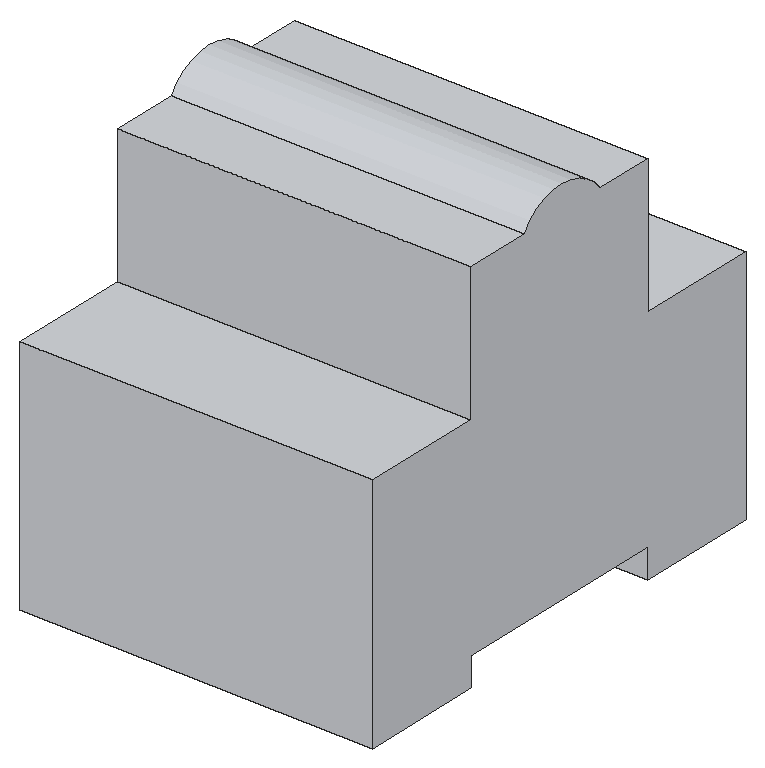
Revit family "Power-ModularDevices-GEWISS-90AM-SPD_TYPE1+2_3PN_12kA", category Apparecchi elettrici, host Superficie, Revit 2016
Family settings
  Host = Superficie
  Mantenere orientamento annotazione = Sì
  Tipo di parte = Normale
  Quota connettore circolare = Usa diametro
  Numero OmniClass = 23.80.50.00
  Titolo OmniClass = Terminals for Power Supply
  Taglio con vuoti quando caricato = No
  Condiviso = No
  Punto di calcolo locali = Sì
Parameters (values of type "GWD6402 - LST - SPD 3P+N 12,5KA T1+2")
  potenza in watt = 0 V
  carico = Altro
  Version file RFA = "18.0"
  URL = "https://www.gewiss.com/ww/en"
  Type: = "1+2"
  Type = "1+2"
  Technical sheet = "https://www.gewiss.com/ww/en/search?q=GWD6402"
  Spostamento_x = -3950 mm
  SEO = "Limiter"
  Realized by GEWISS S.p.A. = ""
  Rated voltage AC = "400V"
  Rated voltage = "400Vac"
  Default Elevation = 1219.2 mm
  Produttore = "GEWISS S.p.A."
  Numero di poli = 1
  Spost_x_eff [instance] = 4000 mm + Spostamento_x  # 50 mm
  Number of poles = "3P+N"
  No. of poles = "3P+N"
  No. of modules EN 50022 = "4"
  No. Chorus modules = "4"
  Modello = "GWD6402"
  Maximum discharge current: = "65KA"
  Impulse current: = "12,5KA"
  Immagine tipo = GWD6402.jpg
  IFC.TypeObject = ""
  IFC.ExportType = ""
  IFC.ExportAs = ""
  IDT = "f26ed46f-3fbd-4cf0-b302-895918ef4919"
  IDF = "3f67a9df-21a2-46e8-9ae5-cd504e9e282f"
  Electrocod = "0641"
  EAN code = "8011564801981"
  Descrizione = "LST - SPD 3P+N 12,5KA T1+2"
  Catalogue Range = "90 AM"
  Catalogue = "POWER"
  COBie.Tagnumber = ""
  COBie.CreatedOn = ""
  COBie.CreatebBy = ""
  COBie.ComponentRegisterItemID = ""
  COBie.Component.TagNumber = ""
  COBie.Component.Space = ""
  COBie.Component.SerialNumber = ""
  COBie.Component.InstallationDate = ""
  COBie.Component.Description = ""
  COBie.Component.BarCode = ""
  Barra_DIN [instance] = 0 mm
  Aux end-of-life contact = "No"
Types (2, lengths in mm): name | URL | Produttore | Descrizione
  (no name) | 0 | "GEWISS" | "LST  -  SCARICATORE 3P+N 12,5kA T1+2"
  GWD6402 - LST - SPD 3P+N 12,5KA T1+2 | "https://www.gewiss.com/ww/en" | "GEWISS S.p.A." | "LST - SPD 3P+N 12,5KA T1+2"
Values of the unnamed type that differ from the named types
  Version file RFA = ""
  Type: = ""
  Type = ""
  Technical sheet = ""
  SEO = ""
  Rated voltage AC = ""
  Rated voltage = ""
  Number of poles = ""
  No. of poles = ""
  No. of modules EN 50022 = ""
  No. Chorus modules = ""
  Maximum discharge current: = ""
  Impulse current: = ""
  IDT = ""
  IDF = ""
  Electrocod = ""
  EAN code = ""
  Catalogue Range = ""
  Catalogue = ""
  Aux end-of-life contact = ""
Reference planes
  plane 1 "Centro (Fronte/Retro)": y = 0
  plane 2: z = 0
  plane 3 "Centro (Sinistra/Destra)": x = 0
  plane 4: z = 0
Dimensions and locks
  "Barra_DIN": host face to plane 4
  aligned and locked: plane 2 to host face
  aligned and locked: level to host face
  aligned and locked: plane 3 "Centro (Sinistra/Destra)" to nested 1
  aligned and locked: plane 1 "Centro (Fronte/Retro)" to nested 1
Automatic sketch dimensions
  host sketch curve to host sketch curve = 6519.2 mm
  host sketch curve to host sketch curve = 4328.142 mm
Nested families
  nested 1: "GENERICO - 90AM SCARICATORI LST TIPO 1+2 3P+N 12,5KA" at (0, 0, 7), type "GENERICO - 90AM SCARICATORI LST TIPO 1+2 3P+N 12,5KA"
  nested 2: "Famiglia3" at (0, 79.419, 0), type "Famiglia3"
Connectors
  electrical at (0, 47.5, 25.5)
    settings: on nested 1, index 1, voltage 400 V, apparent load 0 VA, apparent load phase1 0 VA, apparent load phase2 0 VA, apparent load phase3 0 VA, power factor 1, load classification "Altro", number of poles 1, system type 31, power factor state 1, is connector primary yes, connector utility no, sub classification motor no, connector description ""
Definition of nested family "GENERICO - 90AM SCARICATORI LST TIPO 1+2 3P+N 12,5KA"
  Parameters (values of type "GENERICO - 90AM SCARICATORI LST TIPO 1+2 3P+N 12,5KA")
    h_barra din = if(Altezza barre = 1 mm, 69.9 mm, if(Altezza barre = 2 mm, 115.8 mm, 0 mm))  # 0 mm
    Default Elevation = 1219.2 mm
    H = if(AB_O = 1, AB_V, if(AB_O = 2, AB_H, 50.8 mm))  # 50.8 mm
    Dist barra din = 0 mm  # constant formula
    C1 = 49 mm  # constant formula
    C = 76 mm  # constant formula
    B = 95 mm  # constant formula
    Altezza barre = 5 mm  # constant formula
    AB_V = 3 mm  # constant formula
    AB_H = 5 mm  # constant formula
    AB_O = 0  # constant formula
    A = 72 mm  # constant formula
  Reference planes
    plane 1 "Centro (Fronte/Retro)": y = 0
    plane 2: z = 0
    plane 3 "Centro (Sinistra/Destra)": x = 0
    plane 4: y = -47.5
    plane 5: y = 47.5
    plane 6: z = 0
    plane 7: z = -6
    plane 8 "top": z = 76
    plane 9 "incasso": z = 43
    plane 10: y = -22.5
    plane 11: y = 22.5
    plane 12: x = -36
    plane 13: x = 36
    plane 14: through (4267.2, -42.5, 9) normal (0, -0.1901, 0.9818)
    plane 15 "POSIZIONE": z = 71
    plane 16: y = 10.353
    plane 17: y = -8.889
  Forms (mm)
    Extrusion 1, solid
      sketch origin (0, 0, 0) x (0, 1, 0) y (0, 0, 1)
        loop
          line (-22.5, 0) -> (22.5, 0) -> (22.5, -6) -> (47.5, -6) -> (47.5, 43) -> (22.5, 43) -> (22.5, 71) -> (10.353, 71)
          arc (10.353, 71) -> (0.732, 76.023) -> (-8.889, 71) r 11.726
          line (-8.889, 71) -> (-22.5, 71) -> (-22.5, 43) -> (-47.5, 43) -> (-47.5, -6) -> (-22.5, -6) -> (-22.5, 0)
      from -36 to 36
  Lines and regions (mm)
    symbolic lines
      curve 1: line (0, 0, 15) -> (0, 0, -6)
      curve 2: line (0, -22.5, 0) -> (0, 22.5, 0)
    model lines, detail levels fine
      curve 3: line (-32.126, -19.935, 71) -> (-32.126, -21.516, 71)
      curve 4: line (-32.126, -21.516, 71) -> (-32.656, -21.516, 71)
      curve 5: line (-32.656, -21.516, 71) -> (-32.963, -21.478, 71)
      curve 6: line (-32.963, -21.478, 71) -> (-33.339, -21.311, 71)
      curve 7: line (-33.339, -21.311, 71) -> (-33.637, -21.034, 71)
      curve 8: line (-33.637, -21.034, 71) -> (-33.835, -20.661, 71)
      curve 9: line (-33.835, -20.661, 71) -> (-33.896, -20.263, 71)
      curve 10: line (-33.896, -20.263, 71) -> (-33.837, -19.897, 71)
      curve 11: line (-33.837, -19.897, 71) -> (-33.678, -19.573, 71)
      curve 12: line (-33.678, -19.573, 71) -> (-33.393, -19.278, 71)
      curve 13: line (-33.393, -19.278, 71) -> (-33.048, -19.099, 71)
      curve 14: line (-33.048, -19.099, 71) -> (-32.661, -19.035, 71)
      curve 15: line (-32.661, -19.035, 71) -> (-32.126, -19.035, 71)
      curve 16: line (-32.126, -19.035, 71) -> (-32.126, -19.717, 71)
      curve 17: line (-32.126, -19.717, 71) -> (-33.026, -19.717, 71)
      curve 18: line (-33.026, -19.717, 71) -> (-33.026, -20.835, 71)
      curve 19: line (-33.026, -20.835, 71) -> (-32.806, -20.835, 71)
      curve 20: line (-32.806, -20.835, 71) -> (-32.806, -19.935, 71)
      curve 21: line (-32.806, -19.935, 71) -> (-32.126, -19.935, 71)
      curve 22: line (-29.986, -21.516, 71) -> (-31.908, -21.516, 71)
      curve 23: line (-31.908, -21.516, 71) -> (-31.908, -19.035, 71)
      curve 24: line (-31.908, -19.035, 71) -> (-30.885, -19.035, 71)
      curve 25: line (-30.885, -19.035, 71) -> (-30.885, -19.717, 71)
      curve 26: line (-30.885, -19.717, 71) -> (-31.226, -19.717, 71)
      curve 27: line (-31.226, -19.717, 71) -> (-31.226, -19.935, 71)
      curve 28: line (-31.226, -19.935, 71) -> (-29.986, -19.935, 71)
      curve 29: line (-29.986, -19.935, 71) -> (-29.986, -20.617, 71)
      curve 30: line (-29.986, -20.617, 71) -> (-31.226, -20.617, 71)
      curve 31: line (-31.226, -20.617, 71) -> (-31.226, -20.835, 71)
      curve 32: line (-31.226, -20.835, 71) -> (-29.986, -20.835, 71)
      curve 33: line (-29.986, -20.835, 71) -> (-29.986, -21.516, 71)
      curve 34: line (-26.51, -21.516, 71) -> (-26.51, -19.935, 71)
      curve 35: line (-26.51, -19.935, 71) -> (-27.191, -19.935, 71)
      curve 36: line (-27.191, -19.935, 71) -> (-27.191, -21.516, 71)
      curve 37: line (-27.191, -21.516, 71) -> (-26.51, -21.516, 71)
      curve 38: line (-28.793, -21.516, 71) -> (-28.588, -20.494, 71)
      curve 39: line (-28.588, -20.494, 71) -> (-28.384, -21.516, 71)
      curve 40: line (-28.384, -21.516, 71) -> (-27.702, -21.516, 71)
      curve 41: line (-27.702, -21.516, 71) -> (-27.28, -19.717, 71)
      curve 42: line (-27.28, -19.717, 71) -> (-26.51, -19.717, 71)
      curve 43: line (-26.51, -19.717, 71) -> (-26.51, -19.035, 71)
      curve 44: line (-26.51, -19.035, 71) -> (-27.818, -19.035, 71)
      curve 45: line (-27.818, -19.035, 71) -> (-28.064, -20.085, 71)
      curve 46: line (-28.064, -20.085, 71) -> (-28.234, -19.035, 71)
      curve 47: line (-28.234, -19.035, 71) -> (-28.943, -19.035, 71)
      curve 48: line (-28.943, -19.035, 71) -> (-29.113, -20.085, 71)
      curve 49: line (-29.113, -20.085, 71) -> (-29.359, -19.035, 71)
      curve 50: line (-29.359, -19.035, 71) -> (-30.667, -19.035, 71)
      curve 51: line (-30.667, -19.035, 71) -> (-30.667, -19.717, 71)
      curve 52: line (-30.667, -19.717, 71) -> (-29.897, -19.717, 71)
      curve 53: line (-29.897, -19.717, 71) -> (-29.475, -21.516, 71)
      curve 54: line (-29.475, -21.516, 71) -> (-28.793, -21.516, 71)
      curve 55: line (-24.369, -19.035, 71) -> (-26.291, -19.035, 71)
      curve 56: line (-26.291, -19.035, 71) -> (-26.291, -20.616, 71)
      curve 57: line (-26.291, -20.616, 71) -> (-25.051, -20.616, 71)
      curve 58: line (-25.051, -20.616, 71) -> (-25.051, -20.835, 71)
      curve 59: line (-25.051, -20.835, 71) -> (-26.291, -20.835, 71)
      curve 60: line (-26.291, -20.835, 71) -> (-26.291, -21.516, 71)
      curve 61: line (-26.291, -21.516, 71) -> (-24.369, -21.516, 71)
      curve 62: line (-24.369, -21.516, 71) -> (-24.369, -19.935, 71)
      curve 63: line (-24.369, -19.935, 71) -> (-25.61, -19.935, 71)
      curve 64: line (-25.61, -19.935, 71) -> (-25.61, -19.717, 71)
      curve 65: line (-25.61, -19.717, 71) -> (-24.369, -19.717, 71)
      curve 66: line (-24.369, -19.717, 71) -> (-24.369, -19.035, 71)
      curve 67: line (-24.151, -19.035, 71) -> (-24.151, -20.616, 71)
      curve 68: line (-24.151, -20.616, 71) -> (-22.995, -20.616, 71)
      curve 69: line (-22.995, -20.616, 71) -> (-22.995, -20.835, 71)
      curve 70: line (-22.995, -20.835, 71) -> (-24.151, -20.835, 71)
      curve 71: line (-24.151, -20.835, 71) -> (-24.151, -21.516, 71)
      curve 72: line (-24.151, -21.516, 71) -> (-23.47, -21.516, 71)
      curve 73: line (-23.47, -21.516, 71) -> (-23.076, -21.39, 71)
      curve 74: line (-23.076, -21.39, 71) -> (-22.822, -21.224, 71)
      curve 75: line (-22.822, -21.224, 71) -> (-22.531, -20.867, 71)
      curve 76: line (-22.531, -20.867, 71) -> (-22.396, -20.467, 71)
      curve 77: line (-22.396, -20.467, 71) -> (-22.392, -20.112, 71)
      curve 78: line (-22.392, -20.112, 71) -> (-22.429, -19.935, 71)
      curve 79: line (-22.429, -19.935, 71) -> (-23.47, -19.935, 71)
      curve 80: line (-23.47, -19.935, 71) -> (-23.47, -19.717, 71)
      curve 81: line (-23.47, -19.717, 71) -> (-22.522, -19.717, 71)
      curve 82: line (-22.522, -19.717, 71) -> (-22.645, -19.511, 71)
      curve 83: line (-22.645, -19.511, 71) -> (-22.822, -19.327, 71)
      curve 84: line (-22.822, -19.327, 71) -> (-23.069, -19.165, 71)
      curve 85: line (-23.069, -19.165, 71) -> (-23.327, -19.071, 71)
      curve 86: line (-23.327, -19.071, 71) -> (-23.616, -19.035, 71)
      curve 87: line (-23.616, -19.035, 71) -> (-24.151, -19.035, 71)
    model lines
      curve 88: line (-35.758, 42.406, 43) -> (0, 42.406, 43)
      curve 89: circle (-27.311, 37.799, 43) r 3.335 normal (0, 0, 1)
      curve 90: circle (-9.311, 37.799, 43) r 3.429 normal (0, 0, 1)
      curve 91: circle (-9.553, -37.201, 43) r 3.335 normal (0, 0, 1)
      curve 93: line (35.758, 42.406, 43) -> (0, 42.406, 43)
      curve 94: circle (27.311, 37.799, 43) r 3.335 normal (0, 0, -1)
      curve 95: circle (9.311, 37.799, 43) r 3.429 normal (0, 0, -1)
      curve 96: circle (-26.436, -37.201, 43) r 3.335 normal (0, 0, -1)
      curve 102: line (14.76, 14.908, 71) -> (14.76, 19.281, 71)
      curve 103: line (14.76, 19.281, 71) -> (4.576, 19.281, 71)
      curve 104: line (4.576, 19.281, 71) -> (4.576, 14.908, 71)
      curve 105: line (4.576, 14.908, 71) -> (14.76, 14.908, 71)
      curve 106: line (32.76, 14.908, 71) -> (32.76, 19.281, 71)
      curve 107: line (32.76, 19.281, 71) -> (22.576, 19.281, 71)
      curve 108: line (22.576, 19.281, 71) -> (22.576, 14.908, 71)
      curve 109: line (22.576, 14.908, 71) -> (32.76, 14.908, 71)
      curve 114: line (0, -22.5, 71) -> (0, -8.889, 71)
    model lines, detail levels medium+fine
      curve 92: line (0, -22.5, 43) -> (0, -47.5, 43)
      curve 97: line (-17.758, 42.406, 43) -> (-17.758, 22.5, 43)
      curve 98: line (0, 42.406, 43) -> (0, 22.5, 43)
      curve 99: line (17.758, 42.406, 43) -> (17.758, 22.5, 43)
      curve 100: line (-17.995, -22.5, 43) -> (-17.995, -47.5, 43)
      curve 101: line (18.005, -22.5, 43) -> (18.005, -47.5, 43)
      curve 110: line (-17.758, 22.5, 71) -> (-17.758, 10.353, 71)
      curve 111: line (17.758, 22.5, 71) -> (17.758, 10.353, 71)
      curve 112: line (-17.995, -8.889, 71) -> (-17.995, -22.493, 71)
      curve 113: line (18.005, -8.889, 71) -> (18.005, -22.493, 71)
  Text (mm)
    text "AB_V" at (0, 50.868, 44.72), in view "Destra"
    text "AB_O" at (0, -80.659, 111.963), in view "Destra"
  Dimensions and locks
    equal spacing: plane 4, plane 1 "Centro (Fronte/Retro)", plane 5
    "B": plane 4 to plane 5
    "Dist barra din": plane 6 to level
    locked: plane 6 to plane 7 at 6
    "C": plane 8 "top" to plane 6
    equal spacing: plane 10, plane 1 "Centro (Fronte/Retro)", plane 11
    plane 10 to plane 11 = 45 mm
    equal spacing: plane 12, plane 3 "Centro (Sinistra/Destra)", plane 13
    "A": plane 12 to plane 13
    "C1": plane 9 "incasso" to plane 7
    locked: plane 15 "POSIZIONE" to plane 9 "incasso" at 28
    angle level to plane 14 = 10.9557°
    angle plane 4 to plane 8 "top" = 90.00°
    aligned and locked: level to plane 2
    aligned and locked: Extrusion 1 sketch curve to plane 6
    aligned and locked: Extrusion 1 sketch curve to plane 7
    aligned and locked: Extrusion 1 sketch curve to plane 4
    aligned and locked: Extrusion 1 sketch curve to plane 9 "incasso"  (x2)
    aligned and locked: Extrusion 1 sketch curve to plane 11  (x2)
    aligned and locked: Extrusion 1 sketch curve to plane 5
    aligned and locked: Extrusion 1 sketch curve to plane 10  (x2)
    aligned and locked: plane 1 "Centro (Fronte/Retro)" to curve 1
    aligned and locked: Extrusion 1 to plane 6
    aligned and locked: Extrusion 1 to plane 12
    aligned and locked: plane 13 to Extrusion 1
    aligned and locked: plane 15 "POSIZIONE" to Extrusion 1 sketch curve
    aligned and locked: Extrusion 1 sketch curve to plane 15 "POSIZIONE"
    aligned and locked: plane 17 to Extrusion 1 sketch curve
    aligned and locked: plane 16 to Extrusion 1 sketch curve
    aligned and locked: curve 113 to curve 101
  Automatic sketch dimensions
    Extrusion 1 sketch curve to plane 7 = 0 mm
    plane 15 "POSIZIONE" to Extrusion 1 sketch curve = 6.703 mm
    curve 2 to level = 0 mm
    curve 2 to plane 10 = 0 mm
    curve 2 to plane 11 = 0 mm
    curve 1 to plane 7 = 0 mm
    level to curve 1 = 15 mm
    curve 88 to curve 89 = 9.622 mm
    curve 93 to curve 94 = 9.622 mm
    curve 90 to curve 91 = 75 mm
    curve 96 to curve 91 = 0 mm
    curve 89 to curve 96 = 0.875 mm
    curve 96 to curve 91 = 16.883 mm
    curve 89 to curve 90 = 18 mm
    curve 90 to curve 98 = 10.388 mm
    curve 88 to curve 95 = 10.388 mm
    curve 95 to curve 94 = 18 mm
    curve 92 to curve 91 = 14.701 mm
    curve 88 to plane 3 "Centro (Sinistra/Destra)" = 0 mm
    curve 97 to plane 11 = 0 mm
    curve 98 to plane 11 = 0 mm
    curve 99 to plane 11 = 0 mm
    curve 100 to plane 10 = 0 mm
    curve 101 to plane 10 = 0 mm
    curve 92 to plane 3 "Centro (Sinistra/Destra)" = 0 mm
    curve 92 to plane 10 = 0 mm
    curve 92 to plane 4 = 0 mm
    curve 101 to plane 4 = 0 mm
    curve 100 to plane 4 = 0 mm
    curve 95 to plane 5 = 9.701 mm
    curve 94 to plane 5 = 9.701 mm
    curve 89 to plane 5 = 9.701 mm
    curve 90 to plane 5 = 9.701 mm
    curve 98 to plane 5 = 5.094 mm
    plane 4 to curve 91 = 10.299 mm
    plane 4 to curve 96 = 10.299 mm
    curve 90 to plane 3 "Centro (Sinistra/Destra)" = 9.311 mm
    curve 91 to plane 3 "Centro (Sinistra/Destra)" = 9.553 mm
    plane 12 to curve 96 = 9.564 mm
    plane 12 to curve 89 = 8.689 mm
    plane 3 "Centro (Sinistra/Destra)" to curve 95 = 9.311 mm
    curve 94 to plane 13 = 8.689 mm
    plane 12 to curve 88 = 0.242 mm
    curve 101 to plane 13 = 17.995 mm
    curve 93 to plane 13 = 0.242 mm
    plane 17 to curve 112 = 0 mm
    plane 16 to curve 110 = 0 mm
    curve 110 to plane 11 = 0 mm
    curve 111 to plane 11 = 0 mm
    plane 16 to curve 111 = 0 mm
    plane 17 to curve 113 = 0 mm
    plane 10 to curve 77 = 2.388 mm
    plane 12 to curve 77 = 13.608 mm
    plane 10 to curve 77 = 2.033 mm
    curve 77 to curve 77 = 0.004 mm
    curve 79 to curve 77 = 0.037 mm
    plane 10 to curve 82 = 2.783 mm
    curve 82 to curve 78 = 0.093 mm
    plane 10 to curve 75 = 1.633 mm
    curve 75 to curve 76 = 0.135 mm
    plane 10 to curve 83 = 2.989 mm
    curve 83 to curve 81 = 0.123 mm
    plane 10 to curve 74 = 1.276 mm
    curve 74 to curve 75 = 0.291 mm
    plane 10 to curve 83 = 3.173 mm
    curve 83 to curve 82 = 0.177 mm
    curve 69 to curve 75 = 0.463 mm
    plane 10 to curve 84 = 3.335 mm
    curve 84 to curve 83 = 0.247 mm
    plane 10 to curve 74 = 1.11 mm
    curve 74 to curve 74 = 0.254 mm
    plane 10 to curve 85 = 3.429 mm
    curve 85 to curve 84 = 0.258 mm
    curve 79 to curve 68 = 0.475 mm
    plane 10 to curve 73 = 0.984 mm
    curve 73 to curve 73 = 0.394 mm
    plane 10 to curve 86 = 3.465 mm
    curve 86 to curve 85 = 0.29 mm
    curve 70 to curve 72 = 0.682 mm
    curve 87 to curve 86 = 0.535 mm
    curve 66 to curve 67 = 0.218 mm
    curve 63 to curve 65 = 0 mm
    curve 58 to curve 70 = 0.9 mm
    curve 65 to curve 57 = 0.559 mm
    curve 59 to curve 63 = 0.682 mm
    curve 57 to curve 59 = 0 mm
    curve 34 to curve 60 = 0.218 mm
    curve 44 to curve 55 = 0.218 mm
    curve 35 to curve 34 = 0.682 mm
    plane 10 to curve 41 = 2.783 mm
    curve 41 to curve 35 = 0.089 mm
    plane 10 to curve 41 = 0.984 mm
    curve 41 to curve 36 = 0.511 mm
    plane 10 to curve 45 = 3.465 mm
    curve 45 to curve 41 = 0.538 mm
    plane 10 to curve 46 = 2.415 mm
    curve 46 to curve 41 = 0.784 mm
    plane 10 to curve 46 = 3.465 mm
    curve 46 to curve 44 = 0.416 mm
    curve 40 to curve 40 = 0.682 mm
    plane 10 to curve 39 = 2.006 mm
    curve 39 to curve 45 = 0.525 mm
    curve 54 to curve 39 = 0.409 mm
    curve 47 to curve 46 = 0.709 mm
    plane 10 to curve 48 = 2.415 mm
    curve 48 to curve 38 = 0.525 mm
    curve 50 to curve 47 = 0.416 mm
    curve 54 to curve 38 = 0.682 mm
    plane 10 to curve 53 = 2.783 mm
    curve 53 to curve 48 = 0.784 mm
    curve 22 to curve 53 = 0.51 mm
    curve 30 to curve 32 = 0 mm
    curve 51 to curve 28 = 0.681 mm
    curve 26 to curve 51 = 0.218 mm
    curve 31 to curve 25 = 0.341 mm
    curve 28 to curve 25 = 0.341 mm
    curve 23 to curve 26 = 0.681 mm
    curve 21 to curve 27 = 0.899 mm
    curve 16 to curve 23 = 0.218 mm
    curve 4 to curve 3 = 0.53 mm
    curve 15 to curve 15 = 0.535 mm
    curve 19 to curve 4 = 0.151 mm
    plane 10 to curve 6 = 1.022 mm
    curve 6 to curve 4 = 0.307 mm
    curve 17 to curve 20 = 0.219 mm
    curve 13 to curve 14 = 0.388 mm
    plane 10 to curve 7 = 1.189 mm
    curve 7 to curve 5 = 0.376 mm
    curve 12 to curve 13 = 0.345 mm
    curve 8 to curve 6 = 0.298 mm
    curve 11 to curve 12 = 0.285 mm
    curve 9 to curve 7 = 0.198 mm
    curve 10 to curve 11 = 0.159 mm
    curve 10 to curve 10 = 0.059 mm
    plane 3 "Centro (Sinistra/Destra)" to curve 105 = 4.576 mm
    curve 107 to plane 11 = 3.219 mm
    curve 102 to curve 107 = 7.816 mm
    plane 10 to curve 53 = 0.984 mm
    curve 40 to curve 37 = 0 mm
    curve 62 to curve 71 = 0 mm
    curve 22 to curve 53 = 0 mm
    curve 4 to curve 5 = 0.039 mm
    curve 6 to curve 8 = 0.277 mm
    curve 6 to curve 18 = 0.477 mm
    curve 61 to curve 59 = 0.682 mm
    curve 71 to curve 70 = 0.682 mm
    curve 22 to curve 33 = 0.682 mm
    curve 7 to curve 8 = 0.373 mm
    curve 32 to curve 29 = 0.218 mm
    curve 69 to curve 69 = 0.218 mm
    curve 58 to curve 58 = 0.218 mm
    curve 8 to curve 9 = 0.398 mm
    curve 19 to curve 20 = 0.9 mm
    curve 67 to curve 62 = 0.682 mm
    curve 36 to curve 41 = 0.218 mm
    curve 77 to curve 78 = 0.177 mm
    curve 29 to curve 52 = 0.218 mm
    curve 9 to curve 10 = 0.367 mm
    curve 20 to curve 18 = 0.218 mm
    curve 62 to curve 66 = 0.218 mm
    curve 51 to curve 26 = 0 mm
    curve 10 to curve 11 = 0.323 mm
    curve 11 to curve 12 = 0.295 mm
    curve 12 to curve 14 = 0.179 mm
    curve 51 to curve 50 = 0.682 mm
    curve 25 to curve 50 = 0 mm
    curve 16 to curve 23 = 0 mm
    curve 55 to curve 67 = 0 mm
    curve 108 to curve 107 = 4.373 mm
    curve 110 to plane 3 "Centro (Sinistra/Destra)" = 17.758 mm
    curve 84 to curve 112 = 5.074 mm
    curve 102 to curve 111 = 2.998 mm
    plane 10 to curve 112 = 0.007 mm
    plane 10 to curve 113 = 0.007 mm
    curve 114 to plane 3 "Centro (Sinistra/Destra)" = 0 mm
    curve 114 to plane 10 = 0 mm
    plane 17 to curve 114 = 0 mm
    curve 96 to curve 100 = 8.442 mm
    curve 95 to curve 99 = 8.447 mm
    curve 97 to curve 90 = 8.447 mm
    curve 105 to plane 16 = 4.555 mm
    curve 104 to plane 11 = 3.219 mm
    curve 103 to curve 103 = 10.184 mm
    curve 109 to plane 13 = 3.24 mm
    radius of curve 89 = 3.335 mm  (x2)
    radius of curve 90 = 3.429 mm  (x2)
    radius of curve 91 = 3.335 mm  (x2)
    radius of curve 94 = 3.335 mm  (x2)
    radius of curve 95 = 3.429 mm  (x2)
    radius of curve 96 = 3.335 mm  (x2)
Definition of nested family "Famiglia3"
  Reference planes
    plane 1: y = 0
    plane 2: x = 0
  Lines and regions (mm)
    detail lines
      curve 1: line (0, 0, 0) -> (-0.001, 3.334, 0)
      curve 2: line (0.277, 3.334, 0) -> (-0.278, 3.334, 0)
      curve 3: line (-0.278, 3.334, 0) -> (-0.001, 4.223, 0)
      curve 4: line (-0.001, 4.223, 0) -> (0.277, 3.334, 0)
      curve 5: line (0.277, 3.334, 0) -> (-0.001, 4.223, 0)
      curve 6: line (-0.001, 4.223, 0) -> (-0.278, 3.334, 0)
      curve 7: line (-0.278, 3.334, 0) -> (0.277, 3.334, 0)
      curve 8: line (0.277, 3.334, 0) -> (-0.001, 4.223, 0)
      curve 9: line (-0.001, 4.223, 0) -> (-0.278, 3.334, 0)
      curve 10: line (-0.445, 4.612, 0) -> (0.444, 4.612, 0)
      curve 11: line (0.444, 4.612, 0) -> (0.444, 2.39, 0)
      curve 12: line (0.444, 2.39, 0) -> (-0.445, 2.389, 0)
      curve 13: line (-0.445, 2.389, 0) -> (-0.445, 4.612, 0)
